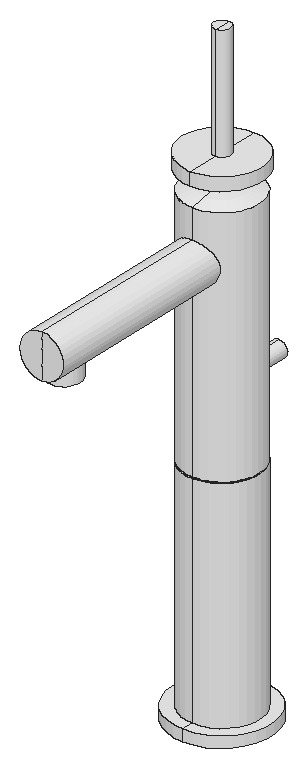
Revit family "Faucet_Vessel-DXV-Percy-D3510515X_Series", category Plumbing Fixtures, Revit 2014
Parameters (values of type "D35105150RB.100")
  Width = 2 1/4"  # constant formula
  Waste Connection = no
  Warranty Documentation Link = "https://www.dxv.com/-/media/files/dxv/warranty/dxv_warranty_booklet.ashx"
  WFU = 2  # constant formula
  Vent Connection = no
  URL = "http://www.dxv.com/"
  Stem Handle Option = ADA Compliant  # yes
  Revised Date = "12/04/2018"  # constant formula
  Product Page URL = "https://www.dxv.com/product/percy-vessel-faucet-with-stem-handle-projects-model"
  Product Documentation Link = "https://dxv01.blob.core.windows.net/dxv-product-pdf-files/spec_D3510510-RB_DXV_Percy_vessel_faucet_EN.pdf"
  Price = "Prices may vary. Please consult Manufacturer Representative for most up-to-date price list."  # constant formula
  Model = "D35105150RB.100"
  Material = "Metal-DXV-100-Polished Chrome"
  Manufacturer = "DXV"  # constant formula
  Loop Handle Option = not(Stem Handle Option)  # no
  Length = 6 3/4"  # constant formula
  Installation Type = "Deck Mounted"  # constant formula
  Hot Water Connection Diameter = 3/8"  # constant formula
  Height = 14 7/8"
  HWFU = 1.5  # constant formula
  HW Connection = yes
  Flow Rate = "1.5 GPM (5.7L/min)"
  Finish = Metal-DXV-100-Polished Chrome
  Description = "Percy Vessel Faucets"  # constant formula
  Default Elevation = 0"
  Creation Date = "07/02/2014"  # constant formula
  Cold Water Connection Diameter = 3/8"  # constant formula
  CWFU = 1.5  # constant formula
  CW Connection = yes
  Assembly Code = "D2020300"
  ADA Compliant = yes
Types (5): name | Stem Handle Option | Product Page URL | Model | Material | Loop Handle Option | Finish | ADA Compliant
  (no name) | yes | "https://www.dxv.com/product/percy-vessel-faucet-with-stem-handle-projects-model" | "D35105150RB.100" | "Metal-DXV-100-Polished Chrome" | no | Metal-DXV-100-Polished Chrome | yes
  D35105150RB.100 | yes | "https://www.dxv.com/product/percy-vessel-faucet-with-stem-handle-projects-model" | "D35105150RB.100" | "Metal-DXV-100-Polished Chrome" | no | Metal-DXV-100-Polished Chrome | yes
  D35105154RB.100 | no | "https://www.dxv.com/product/percy-vessel-faucet-with-loop-handle-projects-model" | "D35105154RB.100" | "Metal-DXV-100-Polished Chrome" | yes | Metal-DXV-100-Polished Chrome | no
  D35105150RB.144 | yes | "https://www.dxv.com/product/percy-vessel-faucet-with-stem-handle-projects-model" | "D35105150RB.144" | "Metal-DXV-144-Brushed Nickel" | no | Metal-DXV-144-Brushed Nickel | yes
  D35105154RB.144 | no | "https://www.dxv.com/product/percy-vessel-faucet-with-loop-handle-projects-model" | "D35105154RB.144" | "Metal-DXV-144-Brushed Nickel" | yes | Metal-DXV-144-Brushed Nickel | no
Reference planes (in)
  plane 1 "Center (Front/Back)": y = 0
  plane 2: z = 0
  plane 3 "Center (Left/Right)": x = 0
  plane 4: y = 1.125
  plane 5: y = -1.125
  plane 6: y = -4.5
  plane 7: y = -5.125
  plane 8: y = 1.625
  plane 9: x = -0.84375
  plane 10: x = 0.84375
  plane 11: x = 0.90625
  plane 12: x = -0.90625
  plane 13: x = 1.21875
  plane 14: x = -1.21875
  plane 15: z = 14.875
  plane 16: z = 9.62023
  plane 17: z = 6.80825
  plane 18: z = 10.77102
  plane 19: z = 10.11863
  plane 20: z = 8.9375
  plane 21: z = 6.62075
  plane 22: z = 14.125
  plane 23: z = 11.54436
  plane 24: z = 11.24661
  plane 25: z = 13.65625
Forms (in)
  Revolve 1, solid, material "Metal-DXV-100-Polished Chrome" <- "Finish"
    sketch origin (0, 0, 0) x (0, -1, 0) y (0, 0, 1)
      loop
        line (0, 0) -> (0, 10.77102) -> (0, 14.125) -> (-0.1875, 14.125) -> (-0.1875, 11.54436) -> (-0.90625, 11.54436) -> (-0.90625, 11.24661) -> (-0.1875, 11.24661) -> (-0.1875, 10.77102) -> (-0.84375, 10.77102) -> (-0.84375, 5.28195) -> (-0.81003, 5.28195) -> (-0.81003, 5.2459) -> (-0.84375, 5.2459) -> (-0.84375, 0.25) -> (-1.125, 0.25) -> (-1.125, 0) -> (0, 0)
      axis (0, 14.125) -> (0, 0)
    angle from 0 to 360
  Sweep 2, solid, material "Metal-DXV-100-Polished Chrome" <- "Finish", visible <- "Loop Handle Option"
    path origin (0, 0.00086, -0.01141) x (1, 0, 0) y (0, 0, 1)
      loop
        circle (0, 13.66766) r 1.21875
    profile origin (0, 0.00086, 14.875) x (0, 0, -1) y (0, -1, 0)
      loop
        circle (0.09375, 0) r 0.09375
  Revolve 3, solid, material "Metal-DXV-100-Polished Chrome" <- "Finish"
    sketch origin (0, -0.69784, -0.73485) x (0, 0.984808, -0.173648) y (0, 0.173648, 0.984808)
      loop
        line (-5.54237, 9.53756) -> (-5.42382, 8.8652) -> (-5.06012, 8.92933) -> (-5.17868, 9.60169) -> (-5.54237, 9.53756)
      axis (-5.42398, 8.86517) -> (-5.54254, 9.53753)
    angle from 0 to 360
  Revolve 4, solid, material "Metal-DXV-100-Polished Chrome" <- "Finish"
    sketch origin (0, 0, 0.49575) x (0, 1, 0) y (0, 0, 1)
      loop
        line (0, 6.125) -> (1.625, 6.125) -> (1.625, 6.3125) -> (0, 6.3125) -> (0, 6.125)
      axis (0, 6.3125) -> (1.625, 6.3125)
    angle from 0 to 360
  Extrusion 5, solid, not visible
    sketch origin (0, 0, 0) x (1, 0, 0) y (0, 1, 0)
      loop
        circle (-0.41584, 0) r 0.1875
      loop
        circle (0.41584, 0) r 0.1875
    from -0.0109 to 0.25
  Revolve 6, solid, material "Metal-DXV-100-Polished Chrome" <- "Finish"
    sketch origin (0, -1.75, 0) x (0, -1, 0) y (0, 0, 1)
      loop
        line (3.375, 10.11863) -> (-1.13338, 10.11863) -> (-1.13338, 9.62023) -> (3.375, 9.62023) -> (3.375, 10.11863)
      axis (-1.13338, 9.62023) -> (3.375, 9.62023)
    angle from 0 to 360
  Revolve 7, solid, material "Metal-DXV-100-Polished Chrome" <- "Finish"
    sketch origin (0, 0.28125, 0) x (0, -1, 0) y (0, 0, 1)
      loop
        arc (-0.625, 11.24661) -> (-0.27311, 11.16741) -> (0.08594, 11.13301) r 2.86681
        line (0.08594, 11.13301) -> (0.08594, 10.8819)
        arc (0.08594, 10.8819) -> (-0.24147, 10.84512) -> (-0.5625, 10.77102) r 2.86681
        line (-0.5625, 10.77102) -> (0.28125, 10.77102) -> (0.28125, 11.24661) -> (-0.625, 11.24661)
      axis (0.28125, 10.77102) -> (0.28125, 11.24661)
    angle from 0 to 360
Cuts and joins
  joined: Revolve 1, Revolve 4, Revolve 6, Revolve 7
Lines and regions (in)
  Masking region 1, visible <- "Stem Handle Option"
    outline origin (0, 0, 0) x (1, 0, 0) y (0, 1, 0)
      loop
        line (0, 1.625) -> (-0.1875, 1.625) -> (-0.1875, 1.10926)
        arc (-0.1875, 1.10926) -> (-0.88878, 0.68971) -> (-1.12108, -0.09378) r 1.125
        arc (-1.12108, -0.09378) -> (-0.9305, -0.63229) -> (-0.5, -1.00778) r 1.125
        line (-0.5, -1.00778) -> (-0.5, -5.125) -> (0.5, -5.125) -> (0.5, -1.00778)
        arc (0.5, -1.00778) -> (0.9305, -0.63229) -> (1.12108, -0.09378) r 1.125
        arc (1.12108, -0.09378) -> (0.88878, 0.68971) -> (0.1875, 1.10926) r 1.125
        line (0.1875, 1.10926) -> (0.1875, 1.625) -> (0, 1.625)
  Masking region 2, visible <- "Loop Handle Option"
    outline origin (0, 0, 0) x (1, 0, 0) y (0, 1, 0)
      loop
        line (0, 1.625) -> (-0.1875, 1.625) -> (-0.1875, 1.10925)
        arc (-0.1875, 1.10925) -> (-0.82835, 0.7612) -> (-1.12112, 0.09328) r 1.12501
        arc (-1.12112, 0.09328) -> (-1.21964, -0.0003) -> (-1.12108, -0.09384) r 0.09368
        arc (-1.12108, -0.09384) -> (-0.93049, -0.63233) -> (-0.5, -1.0078) r 1.125
        line (-0.5, -1.0078) -> (-0.5, -5.125) -> (0.49996, -5.125) -> (0.49996, -1.00765)
        arc (0.49996, -1.00765) -> (0.93057, -0.63203) -> (1.12111, -0.09332) r 1.12504
        arc (1.12111, -0.09332) -> (1.22056, -0.00003) -> (1.12114, 0.0933) r 0.0935
        arc (1.12114, 0.0933) -> (0.82842, 0.76129) -> (0.18753, 1.10938) r 1.12495
        line (0.18753, 1.10938) -> (0.18753, 1.625) -> (0, 1.625)
  symbolic lines, style "PlumbingFixtures"
    curve 1: line (0.18746, 1.625, 0) -> (0, 1.625, 0)
    curve 2: line (0, 1.625, 0) -> (-0.18746, 1.625, 0)
    curve 5: line (-0.49998, -5.125, 0) -> (0.49999, -5.125, 0)
    curve 6: line (-0.49998, -5.125, 0) -> (-0.49998, -1.00776, 0)
    curve 7: line (0.49999, -5.125, 0) -> (0.49999, -1.00776, 0)
    curve 8: line (0.18746, 1.625, 0) -> (0.18746, 1.10914, 0)
    curve 9: line (-0.18746, 1.625, 0) -> (-0.18746, 1.10913, 0)
    curve 12: arc (-0.49998, -1.00776, 0) -> (-0.93051, -0.63224, 0) -> (-1.12109, -0.09368, 0) r 1.12501
    curve 14: arc (-1.12113, 0.09328, 0) -> (-0.8283, 0.76113, 0) -> (-0.18746, 1.10913, 0) r 1.12506
    curve 20: arc (1.12109, -0.09368, 0) -> (0.93051, -0.63224, 0) -> (0.49999, -1.00776, 0) r 1.12501
    curve 22: arc (0.18746, 1.10914, 0) -> (0.8283, 0.76113, 0) -> (1.12113, 0.09328, 0) r 1.12506
  symbolic lines, style "PlumbingFixtures", visible <- "Stem Handle Option", detail levels medium+fine
    curve 3: arc (0.16233, 0.09328, 0) -> (0.18729, -0.00021, 0) -> (0.16226, -0.09368, 0) r 0.18728
    curve 25: arc (-0.90136, -0.09368, 0) -> (-0.9063, -0.0002, 0) -> (-0.90157, 0.09328, 0) r 0.90639
  symbolic lines, style "PlumbingFixtures", detail levels medium+fine
    curve 4: arc (-0.16233, 0.09328, 0) -> (0, 0.18707, 0) -> (0.16233, 0.09328, 0) r 0.18738
    curve 11: line (-0.49998, -1.00776, 0) -> (-0.49998, -0.75579, 0)
    curve 13: line (0.49999, -1.00776, 0) -> (0.49999, -0.75581, 0)
    curve 21: line (0.18746, 1.10914, 0) -> (0.18746, 0.88651, 0)
    curve 23: line (-0.18746, 1.10913, 0) -> (-0.18746, 0.88653, 0)
    curve 24: arc (0.90141, -0.09368, 0) -> (0.00002, -0.9062, 0) -> (-0.90136, -0.09368, 0) r 0.90624
  symbolic lines, style "PlumbingFixtures", visible <- "Loop Handle Option", detail levels medium+fine
    curve 10: line (-1.12109, -0.09368, 0) -> (-0.90136, -0.09368, 0)
    curve 15: line (-1.12113, 0.09328, 0) -> (-0.90157, 0.09328, 0)
    curve 16: line (-0.90157, 0.09328, 0) -> (-0.16233, 0.09328, 0)
    curve 17: line (-0.90136, -0.09368, 0) -> (0.90141, -0.09368, 0)
    curve 18: line (0.90151, 0.09328, 0) -> (1.12113, 0.09328, 0)
    curve 19: line (0.90141, -0.09368, 0) -> (1.12109, -0.09368, 0)
    curve 26: line (-0.16233, 0.09328, 0) -> (0.16233, 0.09328, 0)
    curve 27: line (0.16233, 0.09328, 0) -> (0.90151, 0.09328, 0)
  symbolic lines, visible <- "Stem Handle Option", detail levels medium+fine
    curve 28: arc (-0.16226, -0.09368, 0) -> (-0.18729, -0.00021, 0) -> (-0.16233, 0.09328, 0) r 0.18728
    curve 31: arc (0.90151, 0.09328, 0) -> (0.90623, 0.00024, 0) -> (0.90139, -0.0928, 0) r 0.90637
  symbolic lines, detail levels medium+fine
    curve 29: arc (0.16235, -0.09368, 0) -> (0, -0.18741, 0) -> (-0.16235, -0.09368, 0) r 0.18747
    curve 30: arc (-0.90157, 0.09328, 0) -> (-0.00003, 0.90612, 0) -> (0.90151, 0.09328, 0) r 0.90638
Dimensions and locks (in)
  "Length": plane 8 to plane 7
  "Width": plane 4 to plane 5
  plane 16 to plane 2 = 9.62023"
  "Height": plane 15 to plane 2
  locked: plane 15 to plane 18 at 4.10398
  locked: plane 16 to plane 18 at 1.15079
  locked: plane 19 to plane 16 at 0.4984
  locked: plane 16 to plane 20 at 0.68273
  locked: plane 16 to plane 17 at 2.81199
  locked: plane 17 to plane 21 at 0.1875
  locked: plane 15 to plane 22 at 0.75
  plane 18 to plane 24 to plane 23 = 0.47559" locked, 0.29775" locked
  locked: Revolve 7 sketch curve to Revolve 7 sketch curve at 0.25112
  locked: Revolve 7 sketch curve to Revolve 7 sketch curve at 0.47559
  locked: Revolve 7 sketch curve to Revolve 7 sketch curve at 0.11511  (x2)
  locked: plane 25 to plane 23 at 2.11189
  plane 20 to level = 8 15/16"
  locked: plane 6 to plane 7 at 0.625
  aligned and locked: Revolve 4 sketch curve to Revolve 4 sketch curve
  aligned and locked: plane 18 to Revolve 1
  aligned and locked: Revolve 6 sketch curve to plane 16
  aligned and locked: Revolve 6 sketch curve to Revolve 6 sketch curve
  aligned and locked: Revolve 6 sketch curve to plane 19
  aligned and locked: plane 16 to Revolve 3 sketch curve
  aligned and locked: plane 20 to Revolve 3 sketch curve
  aligned and locked: plane 17 to Revolve 4 sketch curve
  aligned and locked: plane 21 to Revolve 4 sketch curve
  aligned and locked: Revolve 1 sketch curve to plane 22
  aligned and locked: Revolve 1 sketch curve to plane 23
  aligned and locked: plane 24 to Revolve 1 sketch curve
  aligned and locked: Revolve 1 sketch curve to plane 18
  aligned and locked: plane 24 to Revolve 7 sketch curve
  aligned and locked: plane 25 to Sweep 2 sketch curve
  aligned and locked: Revolve 6 sketch curve to plane 7
Automatic sketch dimensions
  Sweep 2 sketch curve to plane 3 "Center (Left/Right)" = 0"
  Sweep 2 sketch curve to profile plane = 0"
  Sweep 2 sketch curve to profile plane = 3/32"
  Revolve 3 sketch curve to plane 6 = 0"  (x2)
  Revolve 3 sketch curve to plane 6 = 0.00017"
  Revolve 3 sketch curve to Revolve 3 sketch curve = 0.36369"
  Revolve 3 sketch curve to Revolve 3 sketch curve = 0.0532"
  Revolve 3 sketch curve to Revolve 3 sketch curve = 0.04871"
  Revolve 4 sketch curve to plane 1 "Center (Front/Back)" = 0"
  Revolve 4 sketch curve to plane 8 = 0"
  Revolve 4 sketch curve to plane 8 = 0.25072"
  Revolve 4 sketch curve to Revolve 4 sketch curve = 0.15888"
  plane 1 "Center (Front/Back)" to Extrusion 5 sketch curve = 0"  (x2)
  Extrusion 5 sketch curve to plane 3 "Center (Left/Right)" = 0.41584"
  plane 3 "Center (Left/Right)" to Extrusion 5 sketch curve = 0.41584"
  Revolve 6 sketch curve to plane 5 = 0.50838"
  plane 7 to Revolve 6 sketch curve = 0.15323"
  Revolve 6 sketch curve to Revolve 6 sketch curve = 0.32258"
  Revolve 7 sketch curve to plane 1 "Center (Front/Back)" = 0"  (x2)
  Revolve 7 sketch curve to plane 1 "Center (Front/Back)" = 0.03953"
  Revolve 7 sketch curve to plane 1 "Center (Front/Back)" = 0.10203"
  Revolve 7 sketch curve to Revolve 7 sketch curve = 25/128"
  Revolve 7 sketch curve to Revolve 7 sketch curve = 83/128"
  Revolve 7 sketch curve to plane 23 = 0.03776"
  Revolve 7 sketch curve to Revolve 7 sketch curve = 0.13316"
  Masking region 1 sketch curve to Masking region 1 sketch curve = 0"  (x6)
  plane 7 to Masking region 1 sketch curve = 0"
  plane 8 to Masking region 1 sketch curve = 0"
  plane 1 "Center (Front/Back)" to Masking region 1 sketch curve = 0"
  Masking region 1 sketch curve to plane 3 "Center (Left/Right)" = 0"  (x2)
  Masking region 1 sketch curve to Masking region 1 sketch curve = 3/16"
  Masking region 1 sketch curve to plane 9 = 11/32"
  Masking region 1 sketch curve to plane 4 = 0.01574"
  plane 3 "Center (Left/Right)" to Masking region 1 sketch curve = 3/16"
  Masking region 1 sketch curve to plane 5 = 0.11722"  (x2)
  plane 1 "Center (Front/Back)" to Masking region 1 sketch curve = 0.09378"  (x2)
  curve 31 to curve 30 = 0.00011"
  curve 30 to curve 31 = 0.0011"
  plane 7 to curve 6 = 0"
  plane 8 to curve 9 = 0"
  curve 1 to plane 3 "Center (Left/Right)" = 0"
  curve 29 to plane 3 "Center (Left/Right)" = 0"
  curve 4 to plane 3 "Center (Left/Right)" = 0"
  curve 20 to plane 3 "Center (Left/Right)" = 0"
  curve 28 to plane 3 "Center (Left/Right)" = 0"
  curve 22 to plane 3 "Center (Left/Right)" = 0.00004"
  curve 30 to plane 3 "Center (Left/Right)" = 0.00003"
  curve 16 to plane 1 "Center (Front/Back)" = 0.09328"
  curve 16 to plane 3 "Center (Left/Right)" = 0.16233"
  curve 2 to curve 1 = 0.18746"
  curve 5 to plane 9 = 0.34377"
  curve 10 to plane 12 = 0.00489"
  curve 15 to plane 12 = 0.00468"
  curve 10 to plane 14 = 25/256"
  curve 15 to plane 14 = 0.09762"
  plane 3 "Center (Left/Right)" to curve 12 = 0"
  plane 3 "Center (Left/Right)" to curve 3 = 0"
  plane 3 "Center (Left/Right)" to curve 14 = 0.00004"
  curve 12 to curve 24 = 0"  (x2)
  plane 3 "Center (Left/Right)" to curve 25 = 0.00009"
  plane 3 "Center (Left/Right)" to curve 1 = 0.18746"
  curve 7 to plane 5 = 0.11724"
  curve 7 to plane 10 = 11/32"
  curve 19 to plane 13 = 25/256"
  curve 18 to plane 13 = 0.09762"
  curve 11 to plane 5 = 0.11724"
  plane 1 "Center (Front/Back)" to curve 4 = 0.00031"
  curve 4 to curve 31 = 0.00115"
  curve 22 to curve 31 = 0.00102"
  curve 22 to curve 14 = 0"
  curve 22 to curve 28 = 0.00005"
  curve 28 to curve 3 = 0"
  curve 20 to curve 29 = 0.00002"
  curve 29 to curve 28 = 0.00009"
  curve 31 to curve 17 = 0.00002"
  curve 17 to curve 31 = 0.00088"
  Masking region 2 sketch curve to Masking region 2 sketch curve = 0.00009"
  Masking region 2 sketch curve to Masking region 2 sketch curve = 0"  (x2)
  plane 7 to Masking region 2 sketch curve = 0"
  plane 8 to Masking region 2 sketch curve = 0"
  Masking region 2 sketch curve to plane 1 "Center (Front/Back)" = 0.00016"
  plane 3 "Center (Left/Right)" to Masking region 2 sketch curve = 0.00006"
  Masking region 2 sketch curve to plane 3 "Center (Left/Right)" = 0"  (x2)
  Masking region 2 sketch curve to Masking region 2 sketch curve = 3/16"
  Masking region 2 sketch curve to plane 9 = 11/32"
  plane 1 "Center (Front/Back)" to Masking region 2 sketch curve = 0.00028"
  Masking region 2 sketch curve to plane 14 = 0.0928"
  plane 3 "Center (Left/Right)" to Masking region 2 sketch curve = 0"
  plane 3 "Center (Left/Right)" to Masking region 2 sketch curve = 0.18753"
  plane 1 "Center (Front/Back)" to Masking region 2 sketch curve = 0"
  Masking region 2 sketch curve to plane 13 = 0.09169"
  Masking region 2 sketch curve to plane 5 = 15/128"
  Masking region 2 sketch curve to plane 5 = 0.11735"
  plane 1 "Center (Front/Back)" to Masking region 2 sketch curve = 0.00002"
  Masking region 2 sketch curve to plane 4 = 0.01575"
  Masking region 2 sketch curve to Masking region 2 sketch curve = 0.00487"
  plane 1 "Center (Front/Back)" to Masking region 2 sketch curve = 0.09332"
  Masking region 2 sketch curve to Masking region 2 sketch curve = 0.00592"
  Masking region 2 sketch curve to plane 4 = 1/64"
  Revolve 1 sketch curve to level = 0"
  Revolve 1 sketch curve to plane 4 = 0"
  Revolve 1 sketch curve to plane 1 "Center (Front/Back)" = 0"  (x2)
  plane 18 to Revolve 1 sketch curve = 0"
  Revolve 1 sketch curve to plane 4 = 7/32"
  Revolve 1 sketch curve to plane 4 = 9/32"
  Revolve 1 sketch curve to Revolve 1 sketch curve = 0"
  Revolve 1 sketch curve to Revolve 1 sketch curve = 0.03372"
  Revolve 1 sketch curve to plane 1 "Center (Front/Back)" = 3/16"  (x2)
  level to Revolve 1 sketch curve = 1/4"
  plane 21 to Revolve 1 sketch curve = 1.37484"
  Revolve 1 sketch curve to Revolve 1 sketch curve = 0.03605"
  Revolve 1 sketch curve to Revolve 1 sketch curve = 0.37239"
  Revolve 1 sketch curve to Revolve 1 sketch curve = 1/2"
  radius of Sweep 2 sketch curve = 1 7/32"
  radius of Sweep 2 sketch curve = 3/32"
  radius of Extrusion 5 sketch curve = 3/16"  (x2)
Connectors (in)
  piping at (0.41584, 0, -0.0109), diameter 0.375, driven by "CWFU", driven by "Cold Water Connection Diameter"
    settings: on Extrusion 5, index 1, connector inside diameter 24", connector length 0", flow factor 0, pipe flow 0 GPM, pressure drop 0.00 psi, fitting loss kfactor 0, connector angle 0.00°, fixture units 1.5, engagement length 0", angle of deflection 0.00°, flow configuration 3, flow direction 1, fitting loss method 0, system type 20, joint type 0, gender type 0, connector reference index -1, connector utility 0, adjustable connector no, is connector primary yes, connector description "3/8\" CW Inlet Connection"
  piping at (-0.41584, 0, -0.0109), diameter 0.375, driven by "HWFU", driven by "Hot Water Connection Diameter"
    settings: on Extrusion 5, index 2, connector inside diameter 24", connector length 0", flow factor 0, pipe flow 0 GPM, pressure drop 0.00 psi, fitting loss kfactor 0, connector angle 0.00°, fixture units 1.5, engagement length 0", angle of deflection 0.00°, flow configuration 3, flow direction 1, fitting loss method 0, system type 19, joint type 0, gender type 0, connector reference index -1, connector utility 0, adjustable connector no, is connector primary no, connector description "3/8\" CW Inlet Connection"
